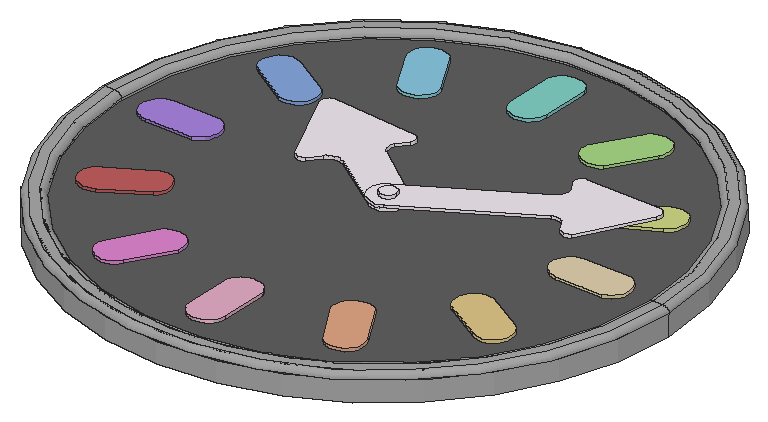
Revit family "Karlsson_Pictogram_Rainbow_Black_Clock_14318", category Generic Models, host Face, Revit 2020
Family settings
  Host = Face
  Can host rebar = No
  Round Connector Dimension = Use Diameter
  Part Type = Normal
  Cut with Voids When Loaded = No
  Shared = No
  Room Calculation Point = No
Parameters
  URL = "http://mydeco.com/p/pictogram-rainbow-wall-clock-black/GB00000010B976B8EDCB6463303285EDFDC8F436/"
  Model = "Pictogram Rainbow Wall Clock, Black"
  Manufacturer = "Karlsson"
  Description = "Dramatically simple, the stunning Pictogram Rainbow Wall Clock adds a dash of instant, vibrant modern colour to any monotone contemporary room colour scheme. The classic circular steel clock has an attractive black face, bold white hands and beautiful colour coded hour markings. The visually striking timepiece is ideal for wall mounting in a kitchen, home office or stylish living room."
  Default Elevation = 4' - 0"
  Cost = 27.3
Reference planes (in)
  plane 1 "Center (Front/Back)": y = 0
  plane 2: z = 0
  plane 3 "Center (Left/Right)": x = 0
Forms (in)
  Extrusion 1, solid, material "black", detail levels fine
    sketch origin (0, 0, 0) x (1, 0, 0) y (0, 1, 0)
      loop
        circle (0, 0) r 5.39786
    from 0 to 0.3937
  Extrusion 2, solid, material "aqua", detail levels fine
    sketch origin (0, 0, 0) x (1, 0, 0) y (0, 1, 0)
      loop
        line (-0.43681, 4.76168) -> (-0.43681, 3.81455)
        arc (-0.43681, 3.81455) -> (-0.07589, 3.45363) -> (0.28503, 3.81455) r 0.36092
        line (0.28503, 3.81455) -> (0.28503, 4.76168)
        arc (0.28503, 4.76168) -> (-0.07589, 5.03048) -> (-0.43681, 4.76168) r 0.37671
    from 0.3937 to 0.44882
  Extrusion 3, solid, material "light pink", detail levels fine
    sketch origin (0.08541, -8.3436, 0) x (1, 0, 0) y (0, 1, 0)
      loop
        line (-0.43681, 4.76168) -> (-0.43681, 3.81455)
        arc (-0.43681, 3.81455) -> (-0.07589, 3.45363) -> (0.28503, 3.81455) r 0.36092
        line (0.28503, 3.81455) -> (0.28503, 4.76168)
        arc (0.28503, 4.76168) -> (-0.07589, 5.03048) -> (-0.43681, 4.76168) r 0.37671
    from 0.3937 to 0.44882
  Extrusion 4, solid, material "cream", detail levels fine
    sketch origin (-0.11581, 0.06179, 0) x (0, -1, 0) y (1, 0, 0)
      loop
        line (-0.43681, 4.76168) -> (-0.43681, 3.81455)
        arc (-0.43681, 3.81455) -> (-0.07589, 3.45363) -> (0.28503, 3.81455) r 0.36092
        line (0.28503, 3.81455) -> (0.28503, 4.76168)
        arc (0.28503, 4.76168) -> (-0.07589, 5.03048) -> (-0.43681, 4.76168) r 0.37671
    from 0.3937 to 0.44882
  Extrusion 5, solid, material "purple", detail levels fine
    sketch origin (-8.46965, -0.01024, 0) x (0, -1, 0) y (1, 0, 0)
      loop
        line (-0.43681, 4.76168) -> (-0.43681, 3.81455)
        arc (-0.43681, 3.81455) -> (-0.07589, 3.45363) -> (0.28503, 3.81455) r 0.36092
        line (0.28503, 3.81455) -> (0.28503, 4.76168)
        arc (0.28503, 4.76168) -> (-0.07589, 5.03048) -> (-0.43681, 4.76168) r 0.37671
    from 0.3937 to 0.44882
  Extrusion 6, solid, material "dark blue", detail levels fine
    sketch origin (-7.34892, 4.27309, 0) x (-0.515038, -0.857167, 0) y (0.857167, -0.515038, 0)
      loop
        line (-0.43681, 4.76168) -> (-0.43681, 3.81455)
        arc (-0.43681, 3.81455) -> (-0.07589, 3.45363) -> (0.28503, 3.81455) r 0.36092
        line (0.28503, 3.81455) -> (0.28503, 4.76168)
        arc (0.28503, 4.76168) -> (-0.07589, 5.03048) -> (-0.43681, 4.76168) r 0.37671
    from 0.3937 to 0.44882
  Extrusion 7, solid, material "light blue", detail levels fine
    sketch origin (-4.32396, 7.31698, 0) x (-0.866025, -0.5, 0) y (0.5, -0.866025, 0)
      loop
        line (-0.43681, 4.76168) -> (-0.43681, 3.81455)
        arc (-0.43681, 3.81455) -> (-0.07589, 3.45363) -> (0.28503, 3.81455) r 0.36092
        line (0.28503, 3.81455) -> (0.28503, 4.76168)
        arc (0.28503, 4.76168) -> (-0.07589, 5.03048) -> (-0.43681, 4.76168) r 0.37671
    from 0.3937 to 0.44882
  Extrusion 8, solid, material "green 1", detail levels fine
    sketch origin (4.11385, 7.38412, 0) x (-0.857167, 0.515038, 0) y (-0.515038, -0.857167, 0)
      loop
        line (-0.43681, 4.76168) -> (-0.43681, 3.81455)
        arc (-0.43681, 3.81455) -> (-0.07589, 3.45363) -> (0.28503, 3.81455) r 0.36092
        line (0.28503, 3.81455) -> (0.28503, 4.76168)
        arc (0.28503, 4.76168) -> (-0.07589, 5.03048) -> (-0.43681, 4.76168) r 0.37671
    from 0.3937 to 0.44882
  Extrusion 9, solid, material "green 2", detail levels fine
    sketch origin (7.15773, 4.35915, 0) x (-0.5, 0.866025, 0) y (-0.866025, -0.5, 0)
      loop
        line (-0.43681, 4.76168) -> (-0.43681, 3.81455)
        arc (-0.43681, 3.81455) -> (-0.07589, 3.45363) -> (0.28503, 3.81455) r 0.36092
        line (0.28503, 3.81455) -> (0.28503, 4.76168)
        arc (0.28503, 4.76168) -> (-0.07589, 5.03048) -> (-0.43681, 4.76168) r 0.37671
    from 0.3937 to 0.44882
  Extrusion 10, solid, material "red", detail levels fine
    sketch origin (-7.34892, -4.17467, 0) x (-0.515038, 0.857167, 0) y (-0.857167, -0.515038, 0)
      loop
        arc (-0.43681, -4.76168) -> (-0.07589, -5.03048) -> (0.28503, -4.76168) r 0.37671
        line (0.28503, -4.76168) -> (0.28503, -3.81455)
        arc (0.28503, -3.81455) -> (-0.07589, -3.45363) -> (-0.43681, -3.81455) r 0.36092
        line (-0.43681, -3.81455) -> (-0.43681, -4.76168)
    from 0.3937 to 0.44882
  Extrusion 11, solid, material "dark pink", detail levels fine
    sketch origin (-4.32396, -7.21855, 0) x (-0.866025, 0.5, 0) y (-0.5, -0.866025, 0)
      loop
        arc (-0.43681, -4.76168) -> (-0.07589, -5.03048) -> (0.28503, -4.76168) r 0.37671
        line (0.28503, -4.76168) -> (0.28503, -3.81455)
        arc (0.28503, -3.81455) -> (-0.07589, -3.45363) -> (-0.43681, -3.81455) r 0.36092
        line (-0.43681, -3.81455) -> (-0.43681, -4.76168)
    from 0.3937 to 0.44882
  Extrusion 12, solid, material "dark cream", detail levels fine
    sketch origin (4.21227, -7.18727, 0) x (-0.857167, -0.515038, 0) y (0.515038, -0.857167, 0)
      loop
        arc (-0.43681, -4.76168) -> (-0.07589, -5.03048) -> (0.28503, -4.76168) r 0.37671
        line (0.28503, -4.76168) -> (0.28503, -3.81455)
        arc (0.28503, -3.81455) -> (-0.07589, -3.45363) -> (-0.43681, -3.81455) r 0.36092
        line (-0.43681, -3.81455) -> (-0.43681, -4.76168)
    from 0.3937 to 0.44882
  Extrusion 13, solid, material "cream 2", detail levels fine
    sketch origin (7.25616, -4.1623, 0) x (-0.5, -0.866025, 0) y (0.866025, -0.5, 0)
      loop
        arc (-0.43681, -4.76168) -> (-0.07589, -5.03048) -> (0.28503, -4.76168) r 0.37671
        line (0.28503, -4.76168) -> (0.28503, -3.81455)
        arc (0.28503, -3.81455) -> (-0.07589, -3.45363) -> (-0.43681, -3.81455) r 0.36092
        line (-0.43681, -3.81455) -> (-0.43681, -4.76168)
    from 0.3937 to 0.44882
  Extrusion 14, solid, material "hands", detail levels fine
    sketch origin (0, 0, 0) x (1, 0, 0) y (0, 1, 0)
      loop
        arc (-0.13349, -0.22491) -> (0.28095, -0.08383) -> (0.25857, 0.35339) r 0.36317
        line (0.25857, 0.35339) -> (-0.98311, 1.25553)
        arc (-0.98311, 1.25553) -> (-1.03952, 1.38501) -> (-1.02588, 1.52559) r 0.28129
        line (-1.02588, 1.52559) -> (-0.85759, 1.75722)
        arc (-0.85759, 1.75722) -> (-0.84519, 1.88598) -> (-0.9518, 1.95925) r 0.12743
        line (-0.9518, 1.95925) -> (-2.68726, 2.0806)
        arc (-2.68726, 2.0806) -> (-2.81204, 1.98827) -> (-2.81339, 1.83306) r 0.17394
        line (-2.81339, 1.83306) -> (-2.06821, 0.30519)
        arc (-2.06821, 0.30519) -> (-1.95924, 0.2519) -> (-1.85027, 0.30519) r 0.13804
        line (-1.85027, 0.30519) -> (-1.6781, 0.52452)
        arc (-1.6781, 0.52452) -> (-1.51054, 0.62269) -> (-1.32105, 0.58021) r 0.26492
        line (-1.32105, 0.58021) -> (-0.13349, -0.22491)
    from 0.3937 to 0.45276
  Extrusion 15, solid, material "hands", detail levels fine
    sketch origin (0, 0, 0) x (1, 0, 0) y (0, 1, 0)
      loop
        line (0.15045, -0.19664) -> (2.45348, 1.18716)
        arc (2.45348, 1.18716) -> (2.61969, 1.2092) -> (2.75392, 1.10873) r 0.22203
        line (2.75392, 1.10873) -> (2.86302, 0.92715)
        arc (2.86302, 0.92715) -> (2.9822, 0.87778) -> (3.10137, 0.92715) r 0.16854
        line (3.10137, 0.92715) -> (3.79499, 2.23164)
        arc (3.79499, 2.23164) -> (3.79068, 2.39626) -> (3.64735, 2.47735) r 0.16721
        line (3.64735, 2.47735) -> (2.17717, 2.47735)
        arc (2.17717, 2.47735) -> (2.05065, 2.39675) -> (2.07023, 2.24802) r 0.1396
        line (2.07023, 2.24802) -> (2.17162, 2.07928)
        arc (2.17162, 2.07928) -> (2.19353, 1.92339) -> (2.0966, 1.79933) r 0.20146
        line (2.0966, 1.79933) -> (-0.21448, 0.41069)
        arc (-0.21448, 0.41069) -> (-0.33568, -0.07543) -> (0.15045, -0.19664) r 0.35427
    from 0.44882 to 0.50394
  Extrusion 16, solid, material "hands", detail levels fine
    sketch origin (0, 0, 0) x (1, 0, 0) y (0, 1, 0)
      loop
        circle (-0.02461, 0.13013) r 0.16364
    from 0.50394 to 0.55906
  Revolve 17, solid, material "frame", detail levels fine
    sketch origin (0, 0, 0) x (1, 0, 0) y (0, 0, 1)
      loop
        line (5.39786, 0) -> (5.83093, 0) -> (5.83093, 0.41914)
        arc (5.83093, 0.41914) -> (5.79644, 0.50239) -> (5.71319, 0.53687) r 0.11774
        line (5.71319, 0.53687) -> (5.51559, 0.53687)
        arc (5.51559, 0.53687) -> (5.43234, 0.50239) -> (5.39786, 0.41914) r 0.11774
        line (5.39786, 0.41914) -> (5.39786, 0)
      axis (0, 0) -> (0, 0.53687)
    angle from 0 to 360
Lines and regions (in)
  Masking region 1
    outline origin (0, 0, 0) x (1, 0, 0) y (0, 0, 1)
      loop
        line (-5.83093, 0) -> (5.83112, 0) -> (5.83112, 0.41821)
        arc (5.83112, 0.41821) -> (5.79625, 0.50239) -> (5.71207, 0.53726) r 0.11905
        line (5.71207, 0.53726) -> (-5.71849, 0.53726)
        arc (-5.71849, 0.53726) -> (-5.798, 0.50433) -> (-5.83093, 0.42483) r 0.11244
        line (-5.83093, 0.42483) -> (-5.83093, 0)
  symbolic lines
    curve 1: line (-5.83093, 0, -0.00058) -> (-5.83093, 0, 0.42483)
    curve 2: arc (-5.83093, 0, 0.42483) -> (-5.798, 0, 0.50433) -> (-5.71849, 0, 0.53726) r 0.11244
    curve 3: line (-5.71849, 0, 0.53726) -> (5.71207, 0, 0.53726)
    curve 4: arc (5.71207, 0, 0.53726) -> (5.79625, 0, 0.50239) -> (5.83112, 0, 0.41821) r 0.11905
    curve 5: line (5.83112, 0, 0.41821) -> (5.83112, 0, -0.00058)
    curve 6: line (5.83112, 0, -0.00058) -> (-5.83093, 0, -0.00058)
Dimensions and locks (in)
  aligned and locked: plane 2 to host face
  aligned and locked: level to host face
  aligned and locked: curve 1 to Revolve 17
  aligned and locked: curve 1 to Masking region 1 sketch curve
  aligned and locked: Masking region 1 sketch curve to curve 2
  aligned and locked: Masking region 1 sketch curve to curve 3
  aligned and locked: Masking region 1 sketch curve to curve 5
  aligned and locked: Masking region 1 sketch curve to curve 4
